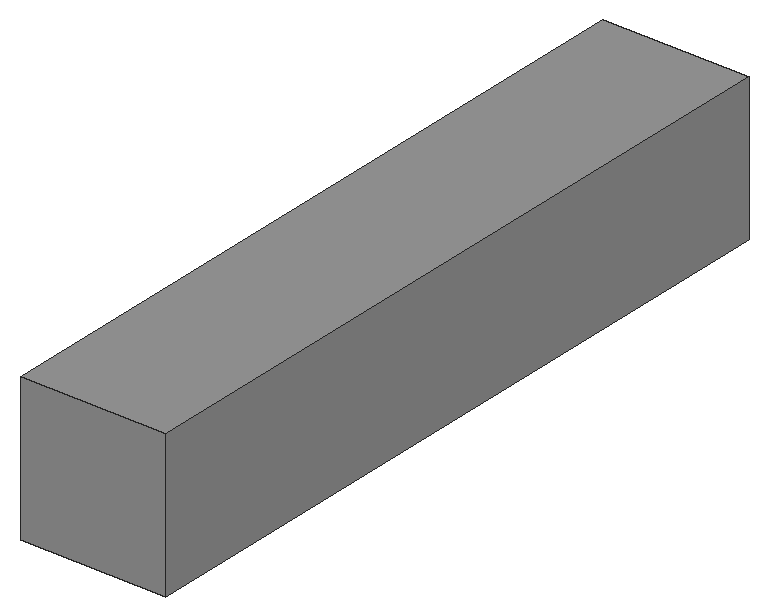
Revit family "PRE050015-FR", category Accessoire de canalisation, Revit 2017
Family settings
  Cote de connecteur circulaire = Utiliser le diamètre
  Type d'élément = Normal
  Basée sur le plan de construction = Non
  Toujours verticalement = Oui
  Couper avec des vides une fois chargée = Non
  Partagée = Non
Parameters (values of type "52039 PRESTO ROBINET ELECTRONIQUE MURAL EN TC PRESTORIZON SECTEUR ")
  Variantes = "52039-52040"
  Garantie = "3"
  URL Fabricant = "http://www.prestodatashare.com/centretelechargement/index.php?lang=FR&refs=52039"
  URL = "http://www.prestodatashare.com/centretelechargement/index.php?lang=FR&refs=52039"
  Lien notice d'utilisation = "http://www.prestodatashare.com/centretelechargement/support.php?lang=FR&ref=52039"
  Lien fiche produit = "http://www.prestodatashare.com/espacedoc/Fiches_Techniques/FR/52039.pdf"
  Reference = "52039"
  Pression = "1 à 5 bars"
  Polantis code = "PRE050015-FR"
  Perte de charge = 0.0 Pa
  Profondeur = 220 mm
  Modèle = "52039 PRESTO ROBINET ELECTRONIQUE MURAL EN TC PRESTORIZON SECTEUR"
  Matériau = Laiton poli chromé
  Lien CCTP = "http://www.prestodatashare.com/centretelechargement/index.php?lang=FR&refs=52039"
  Largeur = 44 mm
  HC = 22 mm
  Hauteur = 44 mm
  Fonction = "Pression d'utilisation recommandée :\r\n- 1 à 5 bars\r\n\r\nDébit :\r\n- 3 l/mn par régulateur de débit intégré\r\n- Aérateur anti-tartre haute qualité\r\n\r\nAlimentation hydraulique :\r\n- G 1/2''(15x21)\r\n- 1 électrovanne 1/2'' déportée\r\n\r\nAlimentation électrique :\r\n- Avec transformateur 230 V  AC/ 9 VDC \r\n\r\nMatière et couleur de finition :\r\n- Corps en laiton avec finition chromée\r\n- Longueur de bec: 2 2 0 mm\r\n- Saillie : 183 mm\r\n- Diamètre du tube: 28 mm\r\n- Epaisseur du mur : 01-60 mm\r\n\r\nRésistance thermique :\r\n- Ce robinet résiste à une température maximale de 65°C\r\n\r\nSécurité :\r\n- Fermeture automatique de l'électrovanne en cas d'écoulement > à 30s\r\n- Ecoulement automatique de 45 secondes, 24 heures après la dernière utilisation\r\n\r\nLivré avec :\r\n- 1 Ecrou de fixation, 1 joint et 1 rondelle\r\n- 1 rosace de fixation murale\r\n- 1 Flexible PEX à écrou tournant G 1/2'\r\n- 1 joint filtre et 1 robinet d'arrêt\r\n- 1 Autocollant de signalisation et 1 notice d'installation\r\n\r\nNormes / Agréments :\r\n- ACS\r\n- CE\r\n\r\n\r\nATTENTION :\r\n- Pour un bon fonctionnement, éviter d'installer le produit face à des surfaces réfléchissantes\r\n- Ne pas utiliser de bonde métallique\r\n- Positionner le produit à 30 cm minimum du fond de la vasque\r\n- Le produit est livré avec les paramètres communiqués sur la fiche technique . Il est possible de modifier les paramètres à l'aide de la télécommande (réf. 90071)"
  Flux = 0.05 L/s
  Finition = "Corps en laiton avec finition chromée"
  Fabricant = "LES ROBINETS PRESTO S.A."
  Diamètre Nominal = 15 mm
  Description = "Robinet électronique mural  en traversée de cloison, pour lavabo, avec électronique déportée de type Presto Prestorizon réf 52039 ou techniquement équivalent. Débit 3L/min par limiteur de débit intégré. Alimentation secteur avec transformateur 230 V AC/9 VDC, et 1 électrovanne ½’’ déportée.  Diamètre du tube 28 mm. Epaisseur du mur : 01-60 mm. Système antiblocage interdisant l’écoulement continu de plus de 30 secondes. Rinçage automatique de 45 secondes, toutes les 24h après la dernière utilisation."
  Debit = "3 l/min par limiteur de débit intégré\r\r\nAérateur anti-tartre haute qualité\r\r\nDispositif anti-coup de bélier"
  Raccordement = "G ½’’ (15x21)"
  Adresse = "7, RUE RACINE - 92542 MONTROUGE CEDEX FRANCE"
Types (2, lengths in mm): name | URL Fabricant | URL | Lien notice d'utilisation | Lien fiche produit | Reference | Polantis code | Modèle | Lien CCTP | Fonction | Description
  52040 PRESTO ROBINET ELECTRONIQUE MURAL EN TC PRESTORIZON PILE CHROME | "http://www.prestodatashare.com/centretelechargement/index.php?lang=FR&refs=52040" | "http://www.prestodatashare.com/centretelechargement/index.php?lang=FR&refs=52040" | "http://www.prestodatashare.com/centretelechargement/support.php?lang=FR&ref=52040" | "http://www.prestodatashare.com/espacedoc/Fiches_Techniques/FR/52040.pdf" | "52040" | "PRE050015a-FR" | "52040 PRESTO ROBINET ELECTRONIQUE MURAL EN TC PRESTORIZON PILE CHROME" | "http://www.prestodatashare.com/centretelechargement/index.php?lang=FR&refs=52040" | "Pression d'utilisation recommandée :\r\n- 1 à 5 bars\r\n\r\nDébit :\r\n- 3 l/mn par régulateur de débit intégré\r\n- Aérateur anti-tartre haute qualité\r\n\r\nAlimentation hydraulique :\r\n- G 1/2''(15x21)\r\n- 1 électrovanne 1/2'' déportée\r\n\r\nAlimentation électrique :\r\n- Pile lithium 9 volts dans boitier IP67 déporté\r\n\r\nMatière et couleur de finition :\r\n- Corps en laiton avec finition chromée\r\n- Longueur de bec : 220 mm\r\n- Saillie : 183 mm\r\n- Diamètre du tube: 28 mm\r\n- Epaisseur du mur : 01-60 mm\r\n\r\nRésistance thermique :\r\n- Ce robinet résiste à une température maximale de 65°C\r\n\r\nSécurité :\r\n- Fermeture automatique de l'électrovanne en cas d'écoulement > à 30s\r\n- Ecoulement automatique de 45 secondes, 24 heures après la dernière utilisation\r\n\r\nLivré avec :\r\n- 1 Ecrou de fixation, 1 joint et 1 rondelle\r\n- 1 rosace de fixation murale\r\n- 1 Flexible PEX à écrou tournant G 1/2'\r\n- 1 joint filtre et 1 robinet d'arrêt\r\n- 1 Autocollant de signalisation et 1 notice d'installation\r\n\r\nNormes / Agréments :\r\n- ACS\r\n- CE\r\n\r\n\r\nATTENTION :\r\n- Pour un bon fonctionnement, éviter d'installer le produit face à des surfaces réfléchissantes\r\n- Ne pas utiliser de bonde métallique\r\n- Positionner le produit à 30 cm minimum du fond de la vasque\r\n- Le produit est livré avec les paramètres communiqués sur la fiche technique . Il est possible de modifier les paramètres à l'aide de la télécommande (réf. 90071)" | "Robinet électronique mural  en traversée de cloison, pour lavabo, avec électronique déportée de type Presto Prestorizon réf 52040 ou techniquement équivalent. Débit 3L/min par limiteur de débit intégré. Alimentation pile lithium 9 V dans un boitier déporté, et 1 électrovanne ½’’ déportée.  Diamètre du tube 28 mm. Epaisseur du mur : 01-60 mm. Système antiblocage interdisant l’écoulement continu de plus de 30 secondes. Rinçage automatique de 45 secondes, toutes les 24h après la dernière utilisation."
  52039 PRESTO ROBINET ELECTRONIQUE MURAL EN TC PRESTORIZON SECTEUR | "http://www.prestodatashare.com/centretelechargement/index.php?lang=FR&refs=52039" | "http://www.prestodatashare.com/centretelechargement/index.php?lang=FR&refs=52039" | "http://www.prestodatashare.com/centretelechargement/support.php?lang=FR&ref=52039" | "http://www.prestodatashare.com/espacedoc/Fiches_Techniques/FR/52039.pdf" | "52039" | "PRE050015-FR" | "52039 PRESTO ROBINET ELECTRONIQUE MURAL EN TC PRESTORIZON SECTEUR" | "http://www.prestodatashare.com/centretelechargement/index.php?lang=FR&refs=52039" | "Pression d'utilisation recommandée :\r\n- 1 à 5 bars\r\n\r\nDébit :\r\n- 3 l/mn par régulateur de débit intégré\r\n- Aérateur anti-tartre haute qualité\r\n\r\nAlimentation hydraulique :\r\n- G 1/2''(15x21)\r\n- 1 électrovanne 1/2'' déportée\r\n\r\nAlimentation électrique :\r\n- Avec transformateur 230 V  AC/ 9 VDC \r\n\r\nMatière et couleur de finition :\r\n- Corps en laiton avec finition chromée\r\n- Longueur de bec: 2 2 0 mm\r\n- Saillie : 183 mm\r\n- Diamètre du tube: 28 mm\r\n- Epaisseur du mur : 01-60 mm\r\n\r\nRésistance thermique :\r\n- Ce robinet résiste à une température maximale de 65°C\r\n\r\nSécurité :\r\n- Fermeture automatique de l'électrovanne en cas d'écoulement > à 30s\r\n- Ecoulement automatique de 45 secondes, 24 heures après la dernière utilisation\r\n\r\nLivré avec :\r\n- 1 Ecrou de fixation, 1 joint et 1 rondelle\r\n- 1 rosace de fixation murale\r\n- 1 Flexible PEX à écrou tournant G 1/2'\r\n- 1 joint filtre et 1 robinet d'arrêt\r\n- 1 Autocollant de signalisation et 1 notice d'installation\r\n\r\nNormes / Agréments :\r\n- ACS\r\n- CE\r\n\r\n\r\nATTENTION :\r\n- Pour un bon fonctionnement, éviter d'installer le produit face à des surfaces réfléchissantes\r\n- Ne pas utiliser de bonde métallique\r\n- Positionner le produit à 30 cm minimum du fond de la vasque\r\n- Le produit est livré avec les paramètres communiqués sur la fiche technique . Il est possible de modifier les paramètres à l'aide de la télécommande (réf. 90071)" | "Robinet électronique mural  en traversée de cloison, pour lavabo, avec électronique déportée de type Presto Prestorizon réf 52039 ou techniquement équivalent. Débit 3L/min par limiteur de débit intégré. Alimentation secteur avec transformateur 230 V AC/9 VDC, et 1 électrovanne ½’’ déportée.  Diamètre du tube 28 mm. Epaisseur du mur : 01-60 mm. Système antiblocage interdisant l’écoulement continu de plus de 30 secondes. Rinçage automatique de 45 secondes, toutes les 24h après la dernière utilisation."
Reference planes
  plane 1 "Centre (avant/arrière)": y = 0
  plane 2: z = 0
  plane 3 "Centre (gauche/droite)": x = 0
  plane 4: y = -220
  plane 5: x = 44
  plane 6: z = 44
  plane 7: x = 22
  plane 8: z = 22
  plane 9: y = -25.5
  plane 10: z = 1
  plane 11: y = -1
Forms (mm)
  Extrusion 1, solid, material "Laiton poli chromé" <- "Matériau", detail levels fine
    sketch origin (0, 0, 0) x (1, 0, 0) y (0, 1, 0)
      loop
        line (0, 0) -> (0, -220) -> (44, -220) -> (44, 0) -> (0, 0)
    from 0 to 44
  Extrusion 2, solid, material "Laiton poli chromé" <- "Matériau", detail levels fine
    sketch origin (0, 0, 0) x (1, 0, 0) y (0, 0, 1)
      loop
        circle (22, 22) r 14
    from 0 to 1
Cuts and joins
  joined: Extrusion 1, Extrusion 2
Dimensions and locks
  "Profondeur": plane 1 "Centre (avant/arrière)" to plane 4
  "Largeur": plane 3 "Centre (gauche/droite)" to plane 5
  "Hauteur": plane 6 to level
  equal spacing: plane 3 "Centre (gauche/droite)", plane 7, plane 5
  "HC": plane 6 to plane 8
  plane 1 "Centre (avant/arrière)" to plane 9 = 25.5 mm
  locked: plane 10 to plane 2 at 1
  locked: plane 1 "Centre (avant/arrière)" to plane 11 at 1
  diameter of Extrusion 2 sketch curve = 28 mm
  aligned and locked: level to plane 2
  aligned and locked: plane 1 "Centre (avant/arrière)" to Extrusion 1 sketch curve
  aligned and locked: plane 3 "Centre (gauche/droite)" to Extrusion 1 sketch curve
  aligned and locked: plane 4 to Extrusion 1 sketch curve
  aligned and locked: plane 5 to Extrusion 1 sketch curve
  aligned and locked: plane 6 to Extrusion 1
  aligned and locked: Extrusion 2 to plane 11
  aligned and locked: Extrusion 2 to plane 1 "Centre (avant/arrière)"
  aligned and locked: plane 7 to nested 1
  aligned and locked: nested 1 to plane 4
  aligned and locked: nested 2 to plane 3 "Centre (gauche/droite)"
  aligned and locked: nested 2 to plane 4
Automatic sketch dimensions
  plane 7 to Extrusion 2 sketch curve = 0 mm
  Extrusion 2 sketch curve to plane 8 = 0 mm
Nested families
  nested 1: "Symbolique" at (0, -110, 0) x (0, 1, 0) z (0, 0, 1), type "Symbolique", detail levels coarse+medium
  nested 2: "S2D" at (44, -110, 0) x (0, 1, 0) z (0, 0, 1), type "S2D", detail levels coarse+medium
Connectors
  piping at (22, 0, 22), diameter 15, driven by "Flux", driven by "Perte de charge", driven by "Diamètre Nominal"
    settings: on Extrusion 2, index 2, connector inside diameter 609.6 mm, connector length 0 mm, flow factor 0, pipe flow 0.05 L/s, pressure drop 0.0 Pa, fitting loss kfactor 0, connector angle 0.00°, fixture units 0, engagement length 0 mm, angle of deflection 0.00°, flow configuration 0, flow direction 1, fitting loss method 4, system type 22, joint type 0, gender type 0, connector reference index -1, connector utility 0, adjustable connector no, is connector primary yes, connector description ""
Definition of nested family "Symbolique"
  Parameters (values of type "Symbolique")
    V = yes
    P = 1000 mm
    L = 1000 mm
    H = 1000 mm
  Reference planes
    plane 1 "Centre (avant/arrière)": y = 0
    plane 2: z = 0
    plane 3 "Centre (gauche/droite)": x = 0
    plane 4: y = -1000
    plane 5: x = -500
    plane 6: x = 500
    plane 7: z = 1000
    plane 8: z = 500
    plane 9: y = -500
  Lines and regions (mm)
    model lines, visible <- "V"
      curve 1: line (-500, -1000, 500) -> (-500, 0, 500)
      curve 2: line (500, -1000, 500) -> (500, 0, 500)
      curve 3: line (500, 0, 500) -> (-500, -1000, 500)
      curve 4: line (-500, 0, 500) -> (500, -1000, 500)
  Dimensions and locks
    "H": plane 7 to plane 2
    equal spacing: plane 5, plane 3 "Centre (gauche/droite)", plane 6
    "L": plane 5 to plane 6
    equal spacing: plane 7, plane 8, level
    equal spacing: plane 4, plane 9, plane 1 "Centre (avant/arrière)"
    "P": plane 1 "Centre (avant/arrière)" to plane 4
    aligned and locked: level to plane 2
  Automatic sketch dimensions
    plane 1 "Centre (avant/arrière)" to curve 3 = 0 mm
    curve 3 to plane 6 = 0 mm
    curve 3 to plane 4 = 0 mm
    curve 3 to plane 5 = 0 mm
    plane 1 "Centre (avant/arrière)" to curve 1 = 0 mm
    curve 2 to plane 4 = 0 mm
Definition of nested family "S2D"
  Parameters (values of type "S2D")
    P = 788.322 mm
    L = 1600 mm
    H = 1250.021 mm
  Reference planes
    plane 1 "Centre (avant/arrière)": y = 0
    plane 2: z = 0
    plane 3 "Centre (gauche/droite)": x = 0
    plane 4: y = 788.322
    plane 5: x = -800
    plane 6: x = 800
    plane 7: y = 394.161
    plane 8: z = 1250.021
    plane 9: z = 625.01
  Lines and regions (mm)
    symbolic lines
      curve 1: line (-800, 788.322, 0) -> (800, 0, 0)
      curve 2: line (800, 0, 0) -> (800, 788.322, 0)
      curve 3: line (800, 788.322, 0) -> (-800, 0, 0)
      curve 4: line (-800, 0, 0) -> (-800, 788.322, 0)
      curve 5: line (-800, 0, 0) -> (-800, 0, 1250.021)
      curve 6: line (-800, 0, 1250.021) -> (800, 0, 0)
      curve 7: line (800, 0, 0) -> (800, 0, 1250.021)
      curve 8: line (800, 0, 1250.021) -> (-800, 0, 0)
      curve 9: line (0, 0, 1250.021) -> (0, 0, 0)
      curve 10: line (0, 0, 0) -> (0, 788.322, 1250.021)
      curve 11: line (0, 788.322, 1250.021) -> (0, 788.322, 0)
      curve 12: line (0, 788.322, 0) -> (0, 0, 1250.021)
  Dimensions and locks
    equal spacing: plane 5, plane 3 "Centre (gauche/droite)", plane 6
    equal spacing: plane 1 "Centre (avant/arrière)", plane 7, plane 4
    "P": plane 1 "Centre (avant/arrière)" to plane 4
    "L": plane 5 to plane 6
    equal spacing: plane 8, plane 9, level
    "H": plane 8 to plane 2
    aligned and locked: level to plane 2
  Automatic sketch dimensions
    plane 1 "Centre (avant/arrière)" to curve 3 = 0 mm
    curve 1 to plane 4 = 0 mm
    curve 3 to plane 4 = 0 mm
    plane 1 "Centre (avant/arrière)" to curve 2 = 0 mm
    curve 3 to plane 6 = 0 mm
    curve 4 to plane 5 = 0 mm
    plane 5 to curve 5 = 0 mm
    curve 8 to level = 0 mm
    plane 6 to curve 8 = 0 mm
    curve 7 to level = 0 mm
    curve 8 to plane 8 = 0 mm
    curve 5 to plane 8 = 0 mm
    curve 11 to level = 0 mm
    curve 11 to plane 8 = 0 mm
    curve 9 to plane 8 = 0 mm
    curve 9 to plane 1 "Centre (avant/arrière)" = 0 mm
    curve 9 to level = 0 mm
    curve 11 to plane 4 = 0 mm
